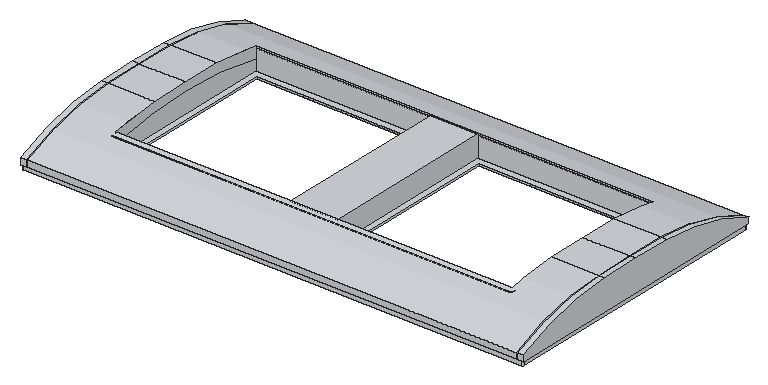
Revit family "Gira_0212771", category Electrical Fixtures, host Face, Revit 2017
Family settings
  Host = Face
  Maintain Annotation Orientation = No
  Round Connector Dimension = Use Diameter
  Part Type = Normal
  Cut with Voids When Loaded = No
  Shared = No
  Room Calculation Point = No
Parameters (values of type "Cov.fr. 2-g interm.fr. CW Gira Event Clear sand")
  With mounting grid = "No"
  With hinged lid = "No"
  URL = "http://katalog.gira.de/en/datenblatt.html?artikelnr=0212771"
  Type of fastening = "Clamp mounting"
  Transparent = "No"
  Surface protection = "Other"
  Surface finishing = "Glossy"
  Suitable for wall duct = "No"
  Suitable for flush-mounted installation = "Yes"
  Suitable for floor box = "No"
  Suitable for built-in installation = "No"
  Number of units vertical = "2"
  Number of units horizontal = "2"
  Number of units = "2"
  Name = "Cov.fr. 2-g interm.fr. CW Gira Event Clear sand"
  Mounting direction = "Horizontal and vertical"
  Material quality = "Thermoplastic"
  Material = "Plastic"
  Manufacturer URL = "https://www.gira.de/"
  Manufacturer = "Gira"
  Label space/information surface = "No"
  Keynote = ""
  HeinzeBIM = "https://bimportal.heinze.de/bim/cov-fr-2-g-interm-fr-cw-gira-event-clear-sand/9b194fef88ecbf383a1908b50e8dccdf6b59daec"
  Halogen free = "Yes"
  HAN = "0212771"
  GTIN = "4010337069508"
  Description = "Cov.fr.2g i.fr.CW EvCl SD,Gira Event Clear cover frame,sand with cream white glossy intermediate frame,2-gang,Features:,- Shatter-proof."
  Degree of protection (IP) = "IP20"
  Default Elevation = 1219.2 mm
  Data sheet (1) = "https://katalog.gira.de/en/download.html?artikelnr=0212771"
  Colour = "Other"
  Category = "Cover frame for domestic switching devices"
  BIM (1) = "https://media.stage.bim.site/public/gira/36a6b08/Event_Rahmen_2fach.rfa"
  Available = "No"
Reference planes
  plane 1 "Center (Front/Back)": y = 0
  plane 2: z = 0
  plane 3 "Center (Left/Right)": x = 0
Forms (mm)
  Extrusion 1, solid, detail levels fine
    sketch origin (0, 0, 0.05) x (0, 1, 0) y (0, 0, 1)
      loop
        arc (12.445, 9.683) -> (6.223, 9.833) -> (0, 9.85) r 291.636
        arc (0, 9.85) -> (-6.223, 9.833) -> (-12.445, 9.683) r 291.636
        arc (-12.445, 9.683) -> (-29.14, 7.482) -> (-45, 1.823) r 79.728
        line (-45, 1.823) -> (-45, -0.05) -> (-42.086, -0.05)
        arc (-42.086, -0.05) -> (-21.385, 5.559) -> (0, 7.206) r 114.424
        arc (0, 7.206) -> (21.385, 5.559) -> (42.086, -0.05) r 114.424
        line (42.086, -0.05) -> (45, -0.05) -> (45, 1.823)
        arc (45, 1.823) -> (29.14, 7.482) -> (12.445, 9.683) r 79.728
    from -78.55 to 78.55
  Extrusion 2, void, detail levels fine
    sketch origin (0, 0, 0) x (1, 0, 0) y (0, 1, 0)
      loop
        line (-63.55, -27.937) -> (63.55, -27.937) -> (63.55, 28.063) -> (-63.55, 28.063) -> (-63.55, -27.937)
    from 0.724 to 11
  Extrusion 3, solid, detail levels coarse
    sketch origin (0, 0, 0) x (1, 0, 0) y (0, 1, 0)
      loop
        line (-80.55, 45) -> (-80.55, -45) -> (80.55, -45) -> (80.55, 45) -> (-80.55, 45)
    from -1.5 to 9.9
  Extrusion 4, solid, detail levels medium
    sketch origin (0, 0, 0.05) x (0, 1, 0) y (0, 0, 1)
      loop
        arc (12.445, 9.683) -> (6.223, 9.833) -> (0, 9.85) r 291.636
        arc (0, 9.85) -> (-6.223, 9.833) -> (-12.445, 9.683) r 291.636
        arc (-12.445, 9.683) -> (-29.14, 7.482) -> (-45, 1.823) r 79.728
        line (-45, 1.823) -> (-45, -0.05) -> (45, -0.05) -> (45, 1.823)
        arc (45, 1.823) -> (29.14, 7.482) -> (12.445, 9.683) r 79.728
    from -80.55 to 80.55
  Extrusion 5, solid, detail levels fine
    sketch origin (-35.55, 0, -1.5) x (0, 1, 0) y (0, 0, -1)
      loop
        line (45, -3.373) -> (45, -1.5) -> (-45, -1.5) -> (-45, -3.373)
        arc (-45, -3.373) -> (-29.14, -9.032) -> (-12.445, -11.233) r 79.728
        arc (-12.445, -11.233) -> (-6.223, -11.383) -> (0, -11.4) r 291.636
        arc (0, -11.4) -> (6.223, -11.383) -> (12.445, -11.233) r 291.636
        arc (12.445, -11.233) -> (29.14, -9.032) -> (45, -3.373) r 79.728
    from 43 to 45
  Extrusion 6, solid, detail levels fine
    sketch origin (0, 0, 0) x (1, 0, 0) y (0, 1, 0)
      loop
        line (-61.45, 25.7) -> (-61.45, -25.7) -> (-9.65, -25.7) -> (-9.65, 25.7) -> (-61.45, 25.7)
      loop
        line (61.45, -25.7) -> (61.45, 25.7) -> (9.65, 25.7) -> (9.65, -25.7) -> (61.45, -25.7)
      loop
        line (-64.445, 28.49) -> (-64.445, -28.495)
        spline (-64.445, -28.495) -> (-64.436, -28.625) -> (-64.411, -28.754) -> (-64.369, -28.878) -> (-64.311, -28.995) -> (-64.238, -29.104) -> (-64.152, -29.202) -> (-64.054, -29.288) -> (-63.945, -29.361) -> (-63.828, -29.419) -> (-63.704, -29.461) -> (-63.575, -29.486) -> (-63.445, -29.495)
        line (-63.445, -29.495) -> (63.445, -29.495)
        spline (63.445, -29.495) -> (63.575, -29.486) -> (63.704, -29.461) -> (63.828, -29.419) -> (63.945, -29.361) -> (64.054, -29.288) -> (64.152, -29.202) -> (64.238, -29.104) -> (64.311, -28.995) -> (64.369, -28.878) -> (64.411, -28.754) -> (64.436, -28.625) -> (64.445, -28.495)
        line (64.445, -28.495) -> (64.445, 28.49)
        spline (64.445, 28.49) -> (64.436, 28.62) -> (64.411, 28.748) -> (64.369, 28.872) -> (64.311, 28.99) -> (64.238, 29.098) -> (64.152, 29.197) -> (64.054, 29.283) -> (63.945, 29.356) -> (63.828, 29.413) -> (63.704, 29.456) -> (63.575, 29.481) -> (63.445, 29.49)
        line (63.445, 29.49) -> (-63.445, 29.49)
        spline (-63.445, 29.49) -> (-63.575, 29.481) -> (-63.704, 29.456) -> (-63.828, 29.413) -> (-63.945, 29.356) -> (-64.054, 29.283) -> (-64.152, 29.197) -> (-64.238, 29.098) -> (-64.311, 28.99) -> (-64.369, 28.872) -> (-64.411, 28.748) -> (-64.436, 28.62) -> (-64.445, 28.49)
    from 0.1 to 7.3
  Extrusion 7, solid
    sketch origin (0, 0, 0) x (1, 0, 0) y (0, 1, 0)
      loop
        arc (-80.25, -44.2) -> (-80.104, -44.554) -> (-79.75, -44.7) r 0.5
        line (-79.75, -44.7) -> (79.75, -44.7)
        arc (79.75, -44.7) -> (80.104, -44.554) -> (80.25, -44.2) r 0.5
        line (80.25, -44.2) -> (80.25, 44.2)
        arc (80.25, 44.2) -> (80.104, 44.554) -> (79.75, 44.7) r 0.5
        line (79.75, 44.7) -> (-79.75, 44.7)
        arc (-79.75, 44.7) -> (-80.104, 44.554) -> (-80.25, 44.2) r 0.5
        line (-80.25, 44.2) -> (-80.25, -44.2)
      loop
        line (-78.55, 43) -> (-78.55, -43) -> (78.55, -43) -> (78.55, 43) -> (-78.55, 43)
    from -1.5 to 0.5
  Extrusion 8, solid, detail levels fine
    sketch origin (35.55, 0, -1.5) x (0, 1, 0) y (0, 0, 1)
      loop
        arc (45, 3.373) -> (29.14, 9.032) -> (12.445, 11.233) r 79.728
        arc (12.445, 11.233) -> (6.223, 11.383) -> (0, 11.4) r 291.636
        arc (0, 11.4) -> (-6.223, 11.383) -> (-12.445, 11.233) r 291.636
        arc (-12.445, 11.233) -> (-29.14, 9.032) -> (-45, 3.373) r 79.728
        line (-45, 3.373) -> (-45, 1.5) -> (45, 1.5) -> (45, 3.373)
    from 43 to 45
  Extrusion 9, solid, detail levels medium
    sketch origin (0, 0, 0) x (1, 0, 0) y (0, 1, 0)
      loop
        line (-80.25, -44.7) -> (80.25, -44.7) -> (80.25, 44.7) -> (-80.25, 44.7) -> (-80.25, -44.7)
    from -1.5 to 0.5
  Extrusion 10, solid, detail levels fine
    sketch origin (0, 0, 0) x (1, 0, 0) y (0, 1, 0)
      loop
        line (-7.55, 28.063) -> (-7.55, -27.937) -> (7.55, -27.937) -> (7.55, 28.063) -> (-7.55, 28.063)
    from 0.724 to 7.566
Cuts and joins
  Extrusion 2 cuts Extrusion 1
  Extrusion 2 cuts Extrusion 6
Dimensions and locks
  aligned and locked: plane 2 to host face
  aligned and locked: level to host face
